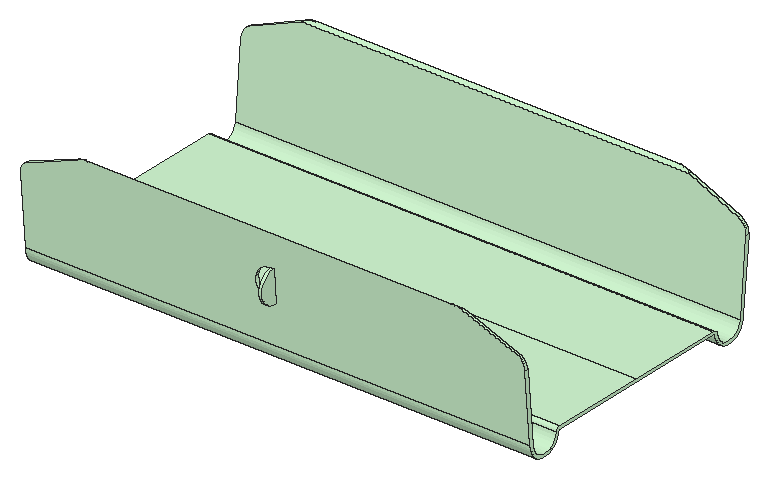
Revit family "CW-25用ジョイント", category 機械設備, Revit 2020
Family settings
  丸型コネクタ寸法 = 直径を使用
  種別 = なし
  パーツ タイプ = 標準
  作業面ベース = いいえ
  常に垂直 = はい
  ロード時にボイドで切り取り = いいえ
  共有 = いいえ
  部屋計算ポイント = いいえ
Parameters
  製造元 = "株式会社桐井製作所"
  既定の高さ = 0 mm
  URL = "https://www.kirii.co.jp/"
  K_材質 = "SGCC　一般用"
  K_品名 = "CW-25用ジョイント"
  K_名称 = "野縁ジョイント"
  K_単位質量(kg/個) = 0.037
  K_入数 = "160"
  K_バージョン情報 = "20210524"
  K_めっき付着量 = "Z12"
  K_JIS規格 = "JIS G 3302"
  K_JIS外 [instance] = not(K_JIS)  # no
  K_JIS [instance] = yes
Reference planes
  plane 1 "中心(正面/背面)": y = 0
  plane 2: z = 0
  plane 3 "中心(左/右)": x = 0
Forms (mm)
  Extrusion 1, solid
    sketch origin (0, 0, 0.154) x (0, 1, 0) y (0, 0, 1)
      loop
        line (-17.76, 3.009) -> (0, 3.009) -> (17.76, 3.009)
        arc (17.76, 3.009) -> (21.125, 0.011) -> (24.25, 3.259) r 3.25
        line (24.25, 3.259) -> (26, 22.64) -> (25.448, 22.088) -> (23.702, 2.745)
        arc (23.702, 2.745) -> (20.955, 0.509) -> (18.283, 2.833) r 2.75
        arc (18.283, 2.833) -> (18.013, 3.317) -> (17.493, 3.509) r 0.8
        line (17.493, 3.509) -> (0, 3.509) -> (-17.493, 3.509)
        arc (-17.493, 3.509) -> (-18.013, 3.317) -> (-18.283, 2.833) r 0.8
        arc (-18.283, 2.833) -> (-20.955, 0.509) -> (-23.702, 2.745) r 2.75
        line (-23.702, 2.745) -> (-25.449, 22.093) -> (-26.001, 22.645) -> (-24.25, 3.259)
        arc (-24.25, 3.259) -> (-21.125, 0.011) -> (-17.76, 3.009) r 3.25
    from -46 to 46
  Extrusion 2, solid
    sketch origin (0.25, -13.587, -0.748) x (0, 0.997137, -0.075613) y (0, 0.075613, 0.997137)
      loop
        arc (-13.166, 16.596) -> (-15.63, 13.142) -> (-12.176, 10.678) r 3
        line (-12.176, 10.678) -> (-13.166, 16.596)
    from -0.5 to 0
  Extrusion 3, void
    sketch origin (-0.27, -13.382, 23.939) x (-1, 0, 0) y (0, -0.008054, -0.999968)
      loop
        arc (-0.02, 7.239) -> (2.974, 10.239) -> (-0.02, 13.239) r 3
        line (-0.02, 13.239) -> (-0.02, 7.239)
    from 10.527 to 12.242
  Extrusion 4, void
    sketch origin (0, 0, 0) x (1, 0, 0) y (0, 0, 1)
      loop
        arc (44.462, 18.434) -> (45.58, 17.513) -> (46, 16.126) r 2.5
        line (46, 16.126) -> (46, 22.793) -> (33, 22.793)
        arc (33, 22.793) -> (33.981, 22.696) -> (34.923, 22.408) r 5
        line (34.923, 22.408) -> (44.462, 18.434)
      loop
        arc (-34.923, 22.408) -> (-33.981, 22.696) -> (-33, 22.793) r 5
        line (-33, 22.793) -> (-46, 22.793) -> (-46, 16.126)
        arc (-46, 16.126) -> (-45.58, 17.513) -> (-44.462, 18.434) r 2.5
        line (-44.462, 18.434) -> (-34.923, 22.408)
    from -26.529 to 26.374
Cuts and joins
  Extrusion 3, Extrusion 4 cuts Extrusion 1
  joined: Extrusion 1, Extrusion 2
Dimensions and locks
  aligned and locked: level to plane 2
